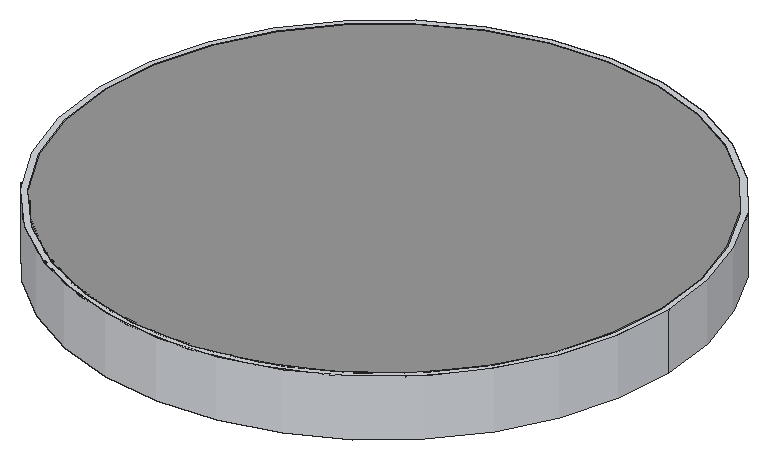
Revit family "2071174", category Lighting Fixtures, host Face, Revit 2018
Family settings
  Host = Face
  Round Connector Dimension = Use Diameter
  Part Type = Normal
  OmniClass Number = 23.80.70.00
  OmniClass Title = Lighting
  Cut with Voids When Loaded = No
  Light Source = Yes
  Shared = No
  Room Calculation Point = No
Parameters (values of type "2071174 COLOSSAL 600 840 OP DIR WHT EM")
  iner diameter = 588 mm
  Weight = "n/a"
  Wattage Comments = ""
  Wattage = 30 W
  WarrantyStartDate [instance] = "n/a"
  WarrantyGuarantorParts = "n/a"
  WarrantyDurationUnit = "n/a"
  WarrantyDurationParts = ""
  WarrantyDescription = "http://www.sylvania-lighting.com"
  built-in parameter 1150110 = 1 (stored number, unit not read)
  Voltage = 230 V
  URL = "0.95"
  TypeName = "COLOSSAL 600mm 840 OPAL DIR WHITE EM"
  Type Image = <None>
  Type Comments = "n/a"
  built-in parameter 1114217 = 1 (stored number, unit not read)
  Tilt Angle = -90.00°
  built-in parameter 1150109 = 1 (stored number, unit not read)
  built-in parameter 1150134 = (empty or 0)
  built-in parameter 1150113 = 1 (stored number, unit not read)
  SerialNumber [instance] = "n/a"
  Photometric Web File = "2071174.ies"
  Material_3_SYL = LED-Sylvania
  PowerFactor = 0
  PowerConsumption = "Lighting"
  NominalLength = 600 mm
  NominalHeight = 93 mm
  NominalDepth = 600 mm
  Name = "COLOSSAL 600mm 840 OPAL DIR WHITE EM"
  ModelReference = Name  # "COLOSSAL 600mm 840 OPAL DIR WHITE EM"
  ModelNumber = "2071174"
  Model = Name  # "COLOSSAL 600mm 840 OPAL DIR WHITE EM"
  Material = "Feilo Sylvania"
  ManufacturerName = "128 lm/W"
  Manufacturer = ""
  LuminousEfficacy = ""
  built-in parameter 1150105 = 270.44 (stored number, unit not read)
  Lumens = 3398.4 lm
  LuminaireType = "0"
  built-in parameter 1150115 = 1 (stored number, unit not read)
  LightOutputRatio = "LED"
  built-in parameter 1150137 = (empty or 0)
  built-in parameter 1150139 = (empty or 0)
  LampsType = Lamp  # "n/a"
  LampNominalLuminous = "4000 K"
  LampMacAdamStep = "80"
  LampColourTemperature = "LED"
  LampColourRenderingIndex = "16500"
  built-in parameter 1150112 = 1 (stored number, unit not read)
  built-in parameter 1150114 = 1 (stored number, unit not read)
  Lamp = "n/a"
  Keynote = "n/a"
  InstallationDate [instance] = "n/a"
  InputVoltage = "0"
  InputNominalFrequency = "4000"
  built-in parameter 1150132 = (empty or 0)
  built-in parameter 1150102 = (empty or 0)
  built-in parameter 1150107 = 3000 (stored number, unit not read)
  built-in parameter 1150138 = (empty or 0)
  IngressProtection = "IfcLightFixtureType"
  ImpactProtectionIndex = "IfcLightFixtureType"
  built-in parameter 1150106 = 2.7044 (stored number, unit not read)
  IfcExportType = "IfcLightFixtureType"
  IfcExportAs = "Class I"
  Emit from Circle Diameter = 385 mm
  Emit Shape Visible in Rendering = no
  ElectricShockClassification = "128"
  built-in parameter 1150104 = 10.524 (stored number, unit not read)
  DocumentationLiterature = "http://www.sylvania-lighting.com/product/en-int/products/2071174"
  DimmingControlOptions = "n/a"
  Material_2_SYL = Polycarbonate_Sylvania_White
  Dimming Lamp Color Temperature Shift = <None>
  Description = "600mm diameter circular architectural luminaire, can be surface mounted or suspended. Powder coated aluminium housing (RAL9016) with polycarbonate opal diffuser. Direct light distribution, 5330lm luminuous flux, 41.5W system power, 128lm/W luminiaire efficacy. Constant current driver. 3 hours integrated emergency. Colour rendering index Ra >80, 4000K Neutral White LED, chromaticity tolerance of 3-step MacAdam ellipse. IP40, IK03. 450mA drive current. Electrical protection Class1, 220-240V. Reported lifetime 66k hours L90B10."
  Default Elevation = 1219.2 mm
  CreatedOn = "23/03/2022"
  CreatedBy = "@sylvania-lighting.com"
  Cost = 0
  Color Filter = 16777215
  built-in parameter 1114216 [instance] = (empty or 0)
  ClassificationValue = "EF_70_80"
  ClassificationName = "Uniclass2015"
  Material_1_SYL = Polycarbonate_Sylvania_Opal
  BarCode [instance] = "n/a"
  built-in parameter 1114218 = 1 (stored number, unit not read)
  built-in parameter 1150133 = 10 (stored number, unit not read)
  AssetType = "Fixed"
  AssetIdentifier [instance] = "n/a"
  Assembly Code = "D5020200"
  Apparent Load = 41.5 VA
  Material_4_SYL = none
Reference planes
  plane 1 "Center (Front/Back)": y = 0
  plane 2: z = 0
  plane 3 "Center (Left/Right)": x = 0
  plane 4: x = -300
  plane 5: x = 300
  plane 6: y = 300
  plane 7: y = -300
  plane 8: y = 212
  plane 9: y = -212
  plane 10: z = 93
  plane 11: y = 294
  plane 12: y = -294
  plane 13: through (0, 0, 1219.2) normal (0.5, -0.866, 0)
  plane 14: through (-134.29, 20.617, 1219.2) normal (0.5, -0.866, 0)
  plane 15: through (-144.685, -181.683, 1219.2) normal (-0.5, 0.866, 0)
  plane 16: through (0, 0, 1219.2) normal (0.5, 0.866, 0)
  plane 17: through (178.555, -4.939, 1219.2) normal (0.5, 0.866, 0)
  plane 18: through (87.581, -148.715, 1219.2) normal (0.5, 0.866, 0)
  plane 19: y = 272
  plane 20: through (105.168, 227.067, 1219.2) normal (0.866, 0.5, 0)
  plane 21: through (-104.171, 225.672, 1219.2) normal (0.8572, -0.515, 0)
  plane 22: y = -204.612
  plane 23: through (-296.643, -30.2, 1219.2) normal (0.866, 0.5, 0)
  plane 24: through (153.092, -278.837, 1219.2) normal (-0.866, 0.5, 0)
Forms (mm)
  Extrusion 1, solid, detail levels medium+fine
    sketch origin (0, 0, 0) x (1, 0, 0) y (0, 1, 0)
      loop
        circle (0, 0) r 300
    from 33.023 to 93
  Extrusion 2, void
    sketch origin (0, 0, 0) x (1, 0, 0) y (0, 1, 0)
      loop
        circle (0, 0) r 294
    from 93 to 37.292
  Extrusion 3, solid, material "Glass, White, High Luminance", detail levels fine
    sketch origin (0, 0, 0) x (1, 0, 0) y (0, 1, 0)
      loop
        circle (0, 0) r 294
    from 88.026 to 93
  Extrusion 4, solid, detail levels coarse
    sketch origin (0, 0, 0) x (1, 0, 0) y (0, 1, 0)
      loop
        line (-300, 300) -> (-300, -300) -> (300, -300) -> (300, 300) -> (-300, 300)
    from 0 to 93
  Blend 5, solid, detail levels medium+fine
    base sketch origin (0, 0, 0) x (1, 0, 0) y (0, 1, 0)
      loop
        line (-76.334, 272) -> (-277.665, -63.07) -> (-195.946, -204.612) -> (195.946, -204.612) -> (275.172, -67.388) -> (79.226, 272) -> (-76.334, 272)
    top sketch origin (0, 0, 0) x (1, 0, 0) y (0, 1, 0)
      loop
        line (-226.097, -32.388) -> (-141.097, -179.612) -> (141.097, -179.612) -> (226.097, -32.388) -> (85, 212) -> (-85, 212) -> (-226.097, -32.388)
    from 33.023 to 0
Cuts and joins
  Extrusion 2 cuts Extrusion 1
Lines and regions (mm)
  model lines
    curve 1: line (-85, 212, 0) -> (0, 212, 0)
    curve 2: line (0, 212, 0) -> (85, 212, 0)
Dimensions and locks
  "NominalDepth": plane 6 to plane 7
  "NominalLength": plane 4 to plane 5
  equal spacing: plane 4, plane 3 "Center (Left/Right)", plane 5
  "iner diameter": plane 11 to plane 12
  equal spacing: plane 11, plane 1 "Center (Front/Back)", plane 12
  equal spacing: plane 6, plane 1 "Center (Front/Back)", plane 7
  "NominalHeight": plane 10 to level
  radius of Extrusion 2 sketch curve = 294 mm
  aligned and locked: plane 2 to host face
  aligned and locked: level to host face
Automatic sketch dimensions
  host sketch curve to host sketch curve = 2438.4 mm  (x2)
  plane 1 "Center (Front/Back)" to Extrusion 1 sketch curve = 0 mm
  Extrusion 1 sketch curve to plane 3 "Center (Left/Right)" = 0 mm
  plane 1 "Center (Front/Back)" to Extrusion 2 sketch curve = 0 mm
  Extrusion 2 sketch curve to plane 3 "Center (Left/Right)" = 0 mm
  plane 1 "Center (Front/Back)" to Extrusion 3 sketch curve = 0 mm
  Extrusion 3 sketch curve to plane 3 "Center (Left/Right)" = 0 mm
  Extrusion 4 sketch curve to plane 4 = 0 mm
  Extrusion 4 sketch curve to plane 5 = 0 mm
  Extrusion 4 sketch curve to plane 7 = 0 mm
  Extrusion 4 sketch curve to plane 6 = 0 mm
  Blend 5 sketch curve to plane 8 = 0 mm
  Blend 5 sketch curve to plane 3 "Center (Left/Right)" = 85 mm
  plane 3 "Center (Left/Right)" to Blend 5 sketch curve = 85 mm
  plane 9 to Blend 5 sketch curve = 32.388 mm
  plane 3 "Center (Left/Right)" to Blend 5 sketch curve = 141.097 mm
  plane 1 "Center (Front/Back)" to Blend 5 sketch curve = 32.388 mm  (x2)
  Blend 5 sketch curve to plane 5 = 73.903 mm
  Blend 5 sketch curve to plane 3 "Center (Left/Right)" = 141.097 mm
  plane 4 to Blend 5 sketch curve = 73.903 mm
  curve 1 to plane 8 = 0 mm
  curve 2 to plane 3 "Center (Left/Right)" = 0 mm
  curve 1 to plane 3 "Center (Left/Right)" = 85 mm
  curve 1 to curve 2 = 85 mm
  Blend 5 sketch curve to plane 21 = 0 mm
  Blend 5 sketch curve to plane 23 = 0 mm  (x2)
  Blend 5 sketch curve to plane 22 = 0 mm
  Blend 5 sketch curve to plane 19 = 0 mm
  plane 21 to Blend 5 sketch curve = 0 mm
  Blend 5 sketch curve to plane 20 = 0 mm  (x2)
  Blend 5 sketch curve to plane 24 = 0 mm  (x2)
  radius of Extrusion 1 sketch curve = 300 mm
  radius of Extrusion 3 sketch curve = 294 mm
Connectors
  electrical at (0, 0, 0), driven by "Apparent Load", driven by "PowerFactor", driven by "Voltage"
    settings: index 1, voltage 230 V, apparent load 41.5 VA, apparent load phase1 0 VA, apparent load phase2 0 VA, apparent load phase3 0 VA, power factor 0, load classification "Lighting", number of poles 1, system type 30, power factor state 1, is connector primary yes, connector utility no, sub classification motor no, connector description ""
